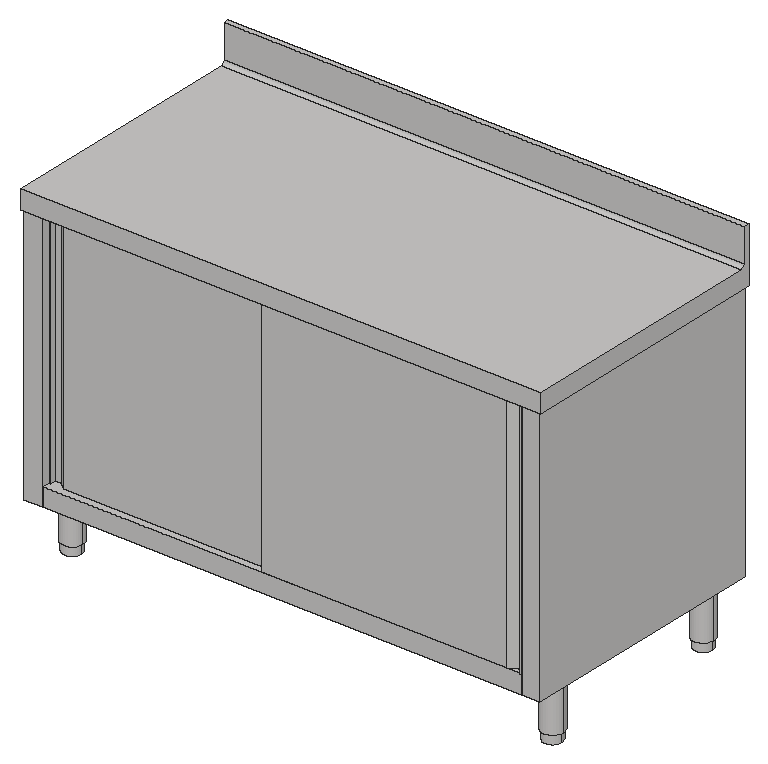
Revit family "QF_ZANUSSI_132778_MTN1410PN", category Attrezzature speciali, Revit 2020
Family settings
  Quota connettore circolare = Usa diametro
  Tipo di parte = Normale
  Basato su piano di lavoro = No
  Sempre verticale = Sì
  Taglio con vuoti quando caricato = No
  Condiviso = No
  Punto di calcolo locali = No
Parameters (values of type "Standard")
  Weight = 60.00 kg
  Watts = 0 W
  Volts = 0 V
  URL Manufacturer = "http://www.zanussiprofessional.com"
  URL = "http://www.zanussiprofessional.com"
  Steam Supply Size = 0 mm
  Steam Supply Minimum Pressure = 0.0 Pa
  Steam Supply Maximum Pressure = 0.0 Pa
  Steam Consumption per Hour = 0
  Refrigeration Suction Line Size = 0.0 mm
  Refrigeration Liquid Line Size = 0.0 mm
  Refrigerant Compressor Remote = yes
  Prospetto di default = 0.0 mm
  Produttore = "Zanussi"
  Phase = 0
  Modello = "MTN1410PN"
  Length Actual = 1400.0 mm  # constant formula
  Item Number = "132778"
  Hot Water Size = 0 mm
  Height Actual = 1000.0 mm  # constant formula
  HP = "0 HP"
  Gas Size = 0 mm
  Gas KW = 0
  Gas Input Pressure = 0 W
  Direct Waste Size = 0 mm
  Descrizione = "WORKTOP CUPB+UPST+SHELF+SLIDING D.1400MM"
  Depth Actual = 700.0 mm  # constant formula
  Cycle = 0 Hz
  Condensate Return Size = 0 mm
  Compressed Air Volume = 0.0 L/s
  Compressed Air Size = 0 mm
  Compressed Air Pressure = 0.0 Pa
  Cold Water Size = 0 mm
  Accessory = yes
Reference planes
  plane 1 "Center (Front/Back)": y = 0
  plane 2: z = 0
  plane 3 "Center (Left/Right)": x = -200
  plane 4 "LEFT": x = -900
  plane 5 "RIGHT": x = 500
  plane 6 "BACK": y = 350
  plane 7 "FRONT": y = -350
  plane 8 "Base": z = 850
  plane 9 "TOP": z = 900
  plane 10: x = -846.9
  plane 11: x = 446.9
  plane 12: y = 264.5
  plane 13: y = -241.9
  plane 14 "BodyLeft": x = -894.5
  plane 15 "BodyFront": y = -344.5
  plane 16 "BodyRight": x = 494.5
  plane 17 "BodyBack": y = 344.5
  plane 18 "FEET": z = 150
  plane 19: x = -144.5
  plane 20: x = -255.5
Forms (mm)
  Extrusion 1, solid, material "QF_Finishes_Stainless Steel"
    sketch origin (-200, 0, 0) x (0, 1, 0) y (0, 0, 1)
      loop
        line (-350, 850) -> (350, 850) -> (350, 1000) -> (337, 1000) -> (337, 910)
        arc (337, 910) -> (334.071, 902.929) -> (327, 900) r 10
        line (327, 900) -> (-350, 900) -> (-350, 850)
    from 700 to -700
  Extrusion 2, solid, material "QF_Finishes_Stainless Steel"
    sketch origin (0, 0, 150) x (-1, 0, 0) y (0, -1, 0)
      loop
        line (894.5, -344.5) -> (894.5, 344.5) -> (844.5, 344.5) -> (844.5, -344.5) -> (894.5, -344.5)
      loop
        line (-444.5, -344.5) -> (-444.5, 344.5) -> (-494.5, 344.5) -> (-494.5, -344.5) -> (-444.5, -344.5)
    from 0 to 700
  Extrusion 3, solid, material "QF_Finishes_Stainless Steel"
    sketch origin (0, 0, 150) x (-1, 0, 0) y (0, -1, 0)
      loop
        line (843.585, -344.5) -> (843.585, 344.5) -> (-444.5, 344.5) -> (-444.5, -344.5) -> (843.585, -344.5)
    from 0 to 50
  Extrusion 4, solid, material "QF_Finishes_Stainless Steel"
    sketch origin (0, 0, 150) x (-1, 0, 0) y (0, -1, 0)
      loop
        line (843.585, -344.5) -> (843.585, -294.5) -> (-444.5, -294.5) -> (-444.5, -344.5) -> (843.585, -344.5)
    from 50 to 700
  Extrusion 5, solid, material "QF_Finishes_Stainless Steel"
    sketch origin (0, 0, 150) x (-1, 0, 0) y (0, -1, 0)
      loop
        line (-444.5, 344.5) -> (-444.5, 324.5) -> (255.5, 324.5) -> (255.5, 344.5) -> (-404.5, 344.5) -> (-424.5, 329.5) -> (-439.5, 329.5) -> (-439.5, 344.5) -> (-444.5, 344.5)
    from 50 to 700
  Extrusion 6, solid, material "QF_Finishes_Stainless Steel"
    sketch origin (0, 20, 150) x (1, 0, 0) y (0, 1, 0)
      loop
        line (-844.5, -344.5) -> (-839.5, -344.5) -> (-839.5, -329.5) -> (-824.5, -329.5) -> (-804.5, -344.5) -> (-144.5, -344.5) -> (-144.5, -324.5) -> (-844.5, -324.5) -> (-844.5, -344.5)
    from 50 to 700
Lines and regions (mm)
  symbolic lines
    curve 1: line (500, 350, 900) -> (-900, 350, 900)
    curve 2: line (-900, 350, 900) -> (-900, -350, 900)
    curve 3: line (-900, -350, 900) -> (500, -350, 900)
    curve 4: line (500, -350, 900) -> (500, 350, 900)
    curve 5: line (-900, 337, 900) -> (500, 337, 900)
  symbolic lines, style "SpecialityEquipmentHiddenLines"
    curve 6: line (-894.5, -344.5, 150) -> (-894.5, 344.5, 150)
    curve 7: line (-894.5, 344.5, 150) -> (494.5, 344.5, 150)
    curve 8: line (494.5, 344.5, 150) -> (494.5, -344.5, 150)
    curve 9: line (494.5, -344.5, 150) -> (-894.5, -344.5, 150)
    curve 10: line (-844.5, -304.5, 150) -> (-144.5, -304.5, 150)
    curve 11: line (-144.5, -304.5, 150) -> (-144.5, -324.5, 150)
    curve 12: line (444.5, -324.5, 150) -> (-844.5, -324.5, 150)
    curve 13: line (-844.5, -324.5, 150) -> (-844.5, -304.5, 150)
    curve 14: line (-255.5, -344.5, 150) -> (-255.5, -324.5, 150)
Dimensions and locks
  plane 4 "LEFT" to plane 5 "RIGHT" = 1400.0 mm
  equal spacing: plane 4 "LEFT", plane 3 "Center (Left/Right)", plane 5 "RIGHT"
  locked: plane 8 "Base" to level at 850
  locked: Extrusion 1 to level at 1000
  plane 9 "TOP" to level = 900.0 mm
  plane 6 "BACK" to plane 7 "FRONT" = 700.0 mm
  equal spacing: plane 6 "BACK", plane 1 "Center (Front/Back)", plane 7 "FRONT"
  locked: plane 4 "LEFT" to plane 14 "BodyLeft" at 5.5
  locked: plane 16 "BodyRight" to plane 5 "RIGHT" at 5.5
  locked: plane 15 "BodyFront" to plane 7 "FRONT" at 5.5
  locked: plane 6 "BACK" to plane 17 "BodyBack" at 5.5
  locked: plane 14 "BodyLeft" to plane 10 at 47.6
  locked: plane 11 to plane 16 "BodyRight" at 47.6
  locked: plane 13 to plane 15 "BodyFront" at 102.6
  locked: plane 17 "BodyBack" to plane 12 at 80
  plane 10 to plane 11 = 1293.8 mm
  plane 12 to plane 13 = 506.4 mm
  locked: plane 18 "FEET" to level at 150
  locked: plane 14 "BodyLeft" to Extrusion 2 sketch curve at 50
  locked: Extrusion 2 sketch curve to Extrusion 2 sketch curve at 50
  Extrusion 3 to Extrusion 4 sketch curve = 50.0 mm
  Extrusion 2 to plane 19 = 700.0 mm
  plane 20 to Extrusion 2 = 700.0 mm
  aligned and locked: level to plane 2
  aligned and locked: plane 10 to nested 1
  aligned and locked: nested 1 to plane 13
  aligned and locked: plane 11 to nested 2
  aligned and locked: nested 2 to plane 13
  aligned and locked: plane 11 to nested 4
  aligned and locked: nested 4 to plane 12
  aligned and locked: plane 10 to nested 3
  aligned and locked: nested 3 to plane 12
  aligned and locked: Extrusion 1 to plane 4 "LEFT"
  aligned and locked: plane 5 "RIGHT" to Extrusion 1
  aligned and locked: curve 2 to plane 4 "LEFT"
  aligned and locked: plane 17 "BodyBack" to Extrusion 2 sketch curve
  aligned and locked: Extrusion 2 sketch curve to plane 15 "BodyFront"
  aligned and locked: Extrusion 2 sketch curve to plane 14 "BodyLeft"
  aligned and locked: plane 16 "BodyRight" to Extrusion 2 sketch curve
  aligned and locked: Extrusion 2 sketch curve to plane 17 "BodyBack"
  aligned and locked: plane 15 "BodyFront" to Extrusion 2 sketch curve
  aligned and locked: Extrusion 3 sketch curve to plane 17 "BodyBack"
  aligned and locked: plane 15 "BodyFront" to Extrusion 3 sketch curve
  aligned and locked: plane 8 "Base" to Extrusion 2
  aligned and locked: plane 8 "Base" to Extrusion 5
  aligned and locked: Extrusion 5 to Extrusion 3
  aligned and locked: Extrusion 6 sketch curve to plane 19
  aligned and locked: Extrusion 5 sketch curve to plane 20
  aligned and locked: curve 7 to plane 17 "BodyBack"
  aligned and locked: Extrusion 2 to plane 14 "BodyLeft"
  aligned and locked: plane 16 "BodyRight" to curve 8
  aligned and locked: plane 15 "BodyFront" to curve 9
Automatic sketch dimensions
  curve 3 to plane 7 "FRONT" = 0.0 mm
  curve 5 to plane 5 "RIGHT" = 0.0 mm
  curve 4 to plane 6 "BACK" = 0.0 mm
  curve 5 to plane 17 "BodyBack" = 7.5 mm
  Extrusion 1 sketch curve to plane 7 "FRONT" = 0.0 mm
  Extrusion 1 sketch curve to plane 9 "TOP" = 0.0 mm
  Extrusion 1 sketch curve to plane 6 "BACK" = 0.0 mm
  Extrusion 1 sketch curve to plane 8 "Base" = 0.0 mm
  Extrusion 1 sketch curve to plane 17 "BodyBack" = 17.5 mm
  Extrusion 1 sketch curve to plane 17 "BodyBack" = 7.5 mm
  Extrusion 1 sketch curve to Extrusion 1 sketch curve = 90.0 mm
  Extrusion 5 sketch curve to plane 15 "BodyFront" = 0.0 mm  (x2)
  Extrusion 5 sketch curve to plane 11 = 2.4 mm
  Extrusion 5 sketch curve to Extrusion 5 sketch curve = 5.0 mm
  Extrusion 5 sketch curve to Extrusion 5 sketch curve = 15.0 mm
  Extrusion 5 sketch curve to Extrusion 5 sketch curve = 20.0 mm
  plane 15 "BodyFront" to Extrusion 5 sketch curve = 15.0 mm
  plane 15 "BodyFront" to Extrusion 5 sketch curve = 20.0 mm
  Extrusion 6 sketch curve to plane 15 "BodyFront" = 20.0 mm  (x2)
  Extrusion 6 sketch curve to plane 10 = 2.4 mm
  Extrusion 6 sketch curve to Extrusion 6 sketch curve = 5.0 mm
  Extrusion 6 sketch curve to Extrusion 6 sketch curve = 15.0 mm
  Extrusion 6 sketch curve to Extrusion 6 sketch curve = 20.0 mm  (x2)
  Extrusion 6 sketch curve to plane 15 "BodyFront" = 35.0 mm
  Extrusion 3 sketch curve to plane 11 = 2.4 mm
  plane 10 to Extrusion 3 sketch curve = 3.315 mm
  Extrusion 4 sketch curve to plane 11 = 2.4 mm
  plane 10 to Extrusion 4 sketch curve = 3.315 mm
  curve 10 to plane 19 = 0.0 mm
  curve 14 to plane 20 = 0.0 mm
  curve 7 to plane 14 "BodyLeft" = 0.0 mm
  plane 10 to curve 13 = 2.4 mm
  curve 10 to curve 13 = 20.0 mm
  curve 12 to plane 11 = 2.4 mm
  plane 15 "BodyFront" to curve 14 = 20.0 mm
Nested families
  nested 1: "FEET_D58-150" at (-846.9, -241.9, 0), type "FEET_D58-150"
  nested 2: "FEET_D58-150" at (446.9, -241.9, 0), type "FEET_D58-150"
  nested 3: "FEET_D58-150" at (-846.9, 264.5, 0), type "FEET_D58-150"
  nested 4: "FEET_D58-150" at (446.9, 264.5, 0), type "FEET_D58-150"
Definition of nested family "FEET_D58-150"
  Parameters
    Default Elevation = 0.0 mm
    FEET = 150.0 mm
  Reference planes
    plane 1 "Center (Front/Back)": y = 0
    plane 2: z = 0
    plane 3 "Center (Left/Right)": x = 0
    plane 4: z = 150
  Forms (mm)
    Extrusion 1, solid
      sketch origin (0, 0, 0) x (1, 0, 0) y (0, 1, 0)
        loop
          circle (0, 0) r 25
      from 0 to 25
    Extrusion 2, solid
      sketch origin (0, 0, 0) x (1, 0, 0) y (0, 1, 0)
        loop
          circle (0.061, 0) r 29
      from 25 to 150 <- "FEET"
  Lines and regions (mm)
    symbolic lines
      curve 1: line (0, -1.503, 0) -> (0, 1.508, 0)
      curve 2: line (1.561, 0, 0) -> (-1.439, 0, 0)
  Dimensions and locks
    "FEET": plane 4 to plane 2
    aligned and locked: level to plane 2
  Automatic sketch dimensions
    plane 1 "Center (Front/Back)" to Extrusion 1 sketch curve = 0.0 mm
    Extrusion 1 sketch curve to plane 3 "Center (Left/Right)" = 0.0 mm
    plane 1 "Center (Front/Back)" to curve 2 = 0.0 mm
    curve 1 to plane 3 "Center (Left/Right)" = 0.0 mm
    curve 2 to plane 3 "Center (Left/Right)" = 1.439 mm
    plane 3 "Center (Left/Right)" to curve 2 = 1.561 mm
    plane 1 "Center (Front/Back)" to curve 1 = 1.503 mm
    curve 1 to plane 1 "Center (Front/Back)" = 1.508 mm
    plane 1 "Center (Front/Back)" to Extrusion 2 sketch curve = 0.0 mm
    plane 3 "Center (Left/Right)" to Extrusion 2 sketch curve = 0.061 mm
    radius of Extrusion 1 sketch curve = 25.0 mm
    radius of Extrusion 2 sketch curve = 29.0 mm
